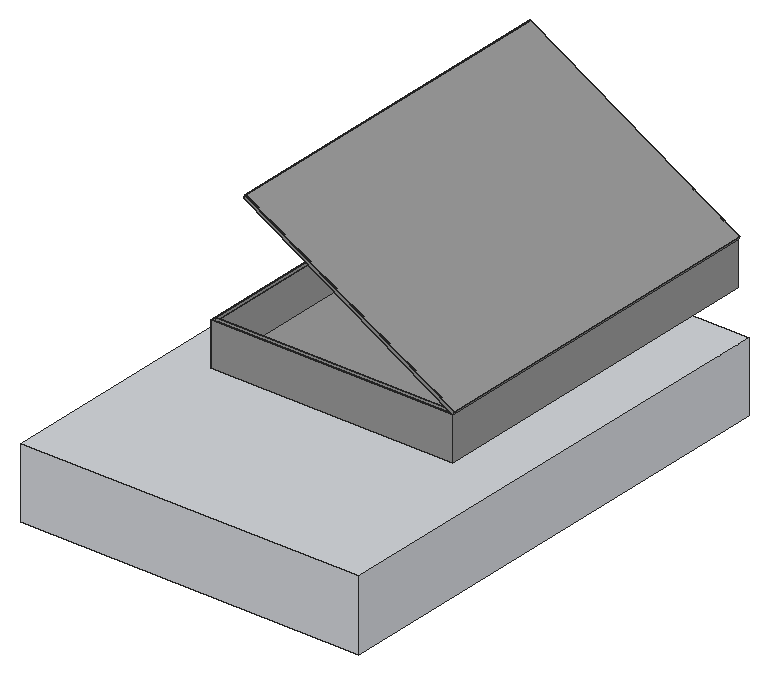
Revit family "Hager-Univers-IP54-D205-H550-Cl.I-Encl-CH-fr", category Equipement électrique, Revit 2020
Family settings
  Hôte = Face
  Configuration du panneau = Deux colonnes, circuits au sein
  Cote de connecteur circulaire = Utiliser le diamètre
  Type d'élément = Tableau de raccordement
  Couper avec des vides une fois chargée = Non
  Partagée = Non
  Point de calcul de pièce = Non
Parameters (values of type "saillie IP54 L1050 H1550 P205  - FP04TW2")
  Width Control [instance] = if([EF000008 - largeur] > Min Width, [EF000008 - largeur], Min Width)  # 1050 mm
  Commentaires du type = [HG000003 - Gamme]  # "Univers"
  Thickness Door [instance] = if([EF009171 - épaisseur de matériau de la porte/du couvercle] > 3 mm, 3 mm, [EF009171 - épaisseur de matériau de la porte/du couvercle])  # 1 mm
  Seal Frame Offset [instance] = 17 mm  # constant formula
  Plinth Visibility [instance] = [HG000027 - Hauteur du socle] > 0 mm  # no
  Model = ""
  Min Width [instance] = 100 mm  # constant formula
  Min Height [instance] = 100 mm  # constant formula
  Min Depth [instance] = (2 * [EF009170 - épaisseur de matériau du boîtier]) + 1 mm  # 3 mm
  Internal Frame Depth [instance] = (Door System Depth * 0.5)  # 9 mm
  Height Control [instance] = if([EF000040 - hauteur] > Min Height, [EF000040 - hauteur], Min Height)  # 1550 mm
  HG000027 - Hauteur du socle = 0 mm
  HG000026 - Installation au sol = no
  HG000024 - Hauteur de la section basse = 800 mm
  HG000023 - Armoire double section = no
  HG000016 - Visibilité de la porte 3D [instance] = yes
  HG000015 - Visibilité de l'emprise de la porte [instance] = no
  HG000014 - Porte à droite [instance] = yes
  HG000013 - Porte à gauche [instance] = not([HG000014 - Porte à droite])  # no
  HG000012 - Angle de pivotement de la porte [instance] = 30.00°
  HG000010 - Portes asymétriques = no
  HG000009 - Porte à double battant = no
  HG000006 - Encastré = no
  HG000004 - Référence fabricant = "FP04TW2"
  HG000003 - Gamme = "Univers"
  HG000002 - avec porte = yes
  Frame Offset Bottom [instance] = 10 mm  # constant formula
  Frame Offset [instance] = 15 mm  # constant formula
  EF015940 - couvercle avec décharge de pression = no
  EF011959 - degré de protection (NEMA) = ""
  EF009554 - nombre d'ouvertures pour plaques à bride = 8
  Fabricant = "Hager"  # constant formula
  EF009212 - finition du couvercle = "EV000116 - fermé"
  EF009171 - épaisseur de matériau de la porte/du couvercle = 1 mm
  EF009170 - épaisseur de matériau du boîtier = 1 mm
  EF008873 - courant nominal (In) = 400 A
  EF007800 - adapté à un parafoudre = no
  EF006306 - avec serrure = no
  EF006244 - couvercle/porte transparent(e) = no
  EF005474 - indice de protection (IP) = "EV006419 - IP54"
  EF004464 - type de porte = "EV003602 - double"
  EF004427 - nombre de modules = 480
  EF004293 - indice de protection contre les chocs (IK) = "EV006815 - IK09"
  EF003532 - convient pour utilisation à l’extérieur = no
  EF002950 - largeur en nombre de modules = 48
  EF001613 - maintien de fonction = "EV000494 - sans"
  EF001596 - matériau du boîtier/corps = "EV000179 - acier"
  EF001131 - profondeur intérieure = 205 mm
  EF001088 - possibilité de montage en saillie = yes
  EF000437 - nombre d'entrées de conduit = 8
  EF000339 - type de capot = "EV001012 - couvercle"
  EF000266 - nombre de rangées = 10
  EF000218 - profondeur d'encastrement = 205 mm
  EF000118 - avec cadre/support de montage = no
  EF000116 - numéro RAL = "9010"
  EF000049 - profondeur = 205 mm
  EF000040 - hauteur = 1550 mm
  EF000008 - largeur = 1050 mm
  EF000007 - couleur = "EV000202 - blanc"
  EF000003 - mode de pose = "EV000384 - saillie"
  Door System Leaf Tolerance [instance] = 1.5 mm  # constant formula
  Door System Depth [instance] = 18 mm  # constant formula
  Door Height [instance] = Height Control - [HG000027 - Hauteur du socle]  # 1550 mm
  Depth Control [instance] = if([EF000049 - profondeur] > Min Depth, [EF000049 - profondeur], Min Depth)  # 205 mm
  Default Elevation = 0 mm
  Connector Offset [instance] = Height Control / 2  # 775 mm
  Bottom Top Plate Trim [instance] = 1.5 mm  # constant formula
  Plinth height Ctrl [instance] = if([HG000027 - Hauteur du socle] > 0 mm, [HG000027 - Hauteur du socle], 12 mm)  # 12 mm
Reference planes
  plane 1 "Center (Front/Back)": y = 0
  plane 2: z = 0
  plane 3 "Center (Left/Right)": x = 0
  plane 4: z = 205
  plane 5: y = 1
  plane 6: y = 775
  plane 7: y = 0
  plane 8: y = 1550
  plane 9: z = 0
  plane 10: x = -510
  plane 11: x = 510
  plane 12: x = 509
  plane 13: x = -509
  plane 14: y = 1549
  plane 15: x = -508
  plane 16: x = -525
  plane 17: x = 508
  plane 18: x = 525
  plane 19: x = 524
  plane 20: x = -524
  plane 21: y = 11
  plane 22: y = 1550
  plane 23: y = 1534
  plane 24: z = 187
  plane 25: z = 1
  plane 26: z = 186
  plane 27: z = 204
Forms (mm)
  Extrusion 1, solid
    sketch origin (0, 0, 0) x (1, 0, 0) y (0, 1, 0)
      loop
        line (-702.964, 1305) -> (-702.964, -811.445) -> (766.763, -811.445) -> (766.763, 1305) -> (-702.964, 1305)
    from 0 to -304.8
  Extrusion 2, solid, material "Hager_Steel_RAL7035_Light_Grey", visible <- "Plinth Visibility", detail levels medium+fine
    sketch origin (0, 0, 0) x (1, 0, 0) y (0, 1, 0)
      loop
        line (-525, 0) -> (525, 0) -> (525, 12) -> (-525, 12) -> (-525, 0)
    from 0 to 187
  Extrusion 3, solid, material "Hager_Steel_RAL7035_Light_Grey", detail levels medium+fine
    sketch origin (0, 0, 0) x (1, 0, 0) y (0, 1, 0)
      loop
        line (-525, 0) -> (525, 0) -> (525, 1550) -> (-525, 1550) -> (-525, 0)
    from 0 to 187
  Extrusion 4, void
    sketch origin (0, 0, 0) x (1, 0, 0) y (0, 1, 0)
      loop
        line (-524, 1) -> (524, 1) -> (524, 1549) -> (-524, 1549) -> (-524, 1)
    from 1 to 186
  Extrusion 5, void
    sketch origin (-381.607, -4572, 187) x (0, -1, 0) y (-1, 0, 0)
      loop
        line (-4583, 127.393) -> (-6106, 127.393) -> (-6106, -890.607) -> (-4583, -890.607) -> (-4583, 127.393)
    from 0 to 1 <- "EF009170 - épaisseur de matériau du boîtier"
  Extrusion 6, solid, material "Hager_Steel_RAL7035_Light_Grey", detail levels fine
    sketch origin (0, 0, 187) x (1, 0, 0) y (0, 1, 0)
      loop
        line (-509, 1534) -> (-509, 11) -> (509, 11) -> (509, 1534) -> (-509, 1534)
      loop
        line (-510, 10) -> (510, 10) -> (510, 1535) -> (-510, 1535) -> (-510, 10)
    from 0 to 9 <- "Internal Frame Depth"
  Extrusion 7, solid, material "Hager_Steel_RAL7035_Light_Grey", detail levels coarse
    sketch origin (0, 0, 0) x (1, 0, 0) y (0, 1, 0)
      loop
        line (-525, 0) -> (525, 0) -> (525, 1550) -> (-525, 1550) -> (-525, 0)
    from 0 to 205
  Sweep 8, void
    path in 3D
      loop
        line (-525, 12, 0) -> (525, 12, 0) -> (525, 12, 187) -> (-525, 12, 187) -> (-525, 12, 0)
    profile origin (-525, 12, 93.5) x (-1, 0, 0) y (0, -1, 0)
      loop
        line (0, 0) -> (0, 1.5) -> (-1.5, 1.5)
        arc (-1.5, 1.5) -> (-1.061, 0.439) -> (0, 0) r 1.5
Cuts and joins
  Extrusion 4, Extrusion 5 cuts Extrusion 3
  Sweep 8 cuts Extrusion 2
Lines and regions (mm)
  Masking region 1
    outline origin (0, 0, 0) x (1, 0, 0) y (0, 0, 1)
      loop
        line (-525, 205) -> (-525, 0) -> (525, 0) -> (525, 205) -> (-525, 205)
  Masking region 2, detail levels medium+fine
    outline origin (0, 140, 0) x (0, 1, 0) y (0, 0, 1)
      loop
        line (-140, 0) -> (1410, 0) -> (1410, 187) -> (-140, 187) -> (-140, 0)
  Masking region 3, not visible, detail levels medium+fine
    outline origin (0, 297.922, 0) x (0, 1, 0) y (0, 0, 1)
      loop
        line (488.578, 0) -> (528.578, 0) -> (528.578, 194)
        arc (528.578, 194) -> (525.649, 201.071) -> (518.578, 204) r 10
        line (518.578, 204) -> (488.578, 204) -> (488.578, 0)
  Masking region 4, detail levels coarse
    outline origin (0, 0, 180) x (0, 1, 0) y (0, 0, 1)
      loop
        line (0, -180) -> (1550, -180) -> (1550, 25) -> (0, 25) -> (0, -180)
  Masking region 5, visible <- "Plinth Visibility", detail levels medium+fine
    outline origin (0, 52.24, 12.345) x (0, 0, -1) y (0, 1, 0)
      loop
        line (10.845, -40.24) -> (-173.155, -40.24)
        arc (-173.155, -40.24) -> (-173.594, -41.301) -> (-174.655, -41.74) r 1.5
        line (-174.655, -41.74) -> (-174.655, -52.24) -> (12.345, -52.24) -> (12.345, -41.74)
        arc (12.345, -41.74) -> (11.285, -41.301) -> (10.845, -40.24) r 1.5
  Masking region 6, detail levels medium+fine
    outline origin (-381.607, -4572, 187) x (-1, 0, 0) y (0, -1, 0)
      loop
        line (143.393, -6122) -> (143.393, -4572) -> (-906.607, -4572) -> (-906.607, -6122) -> (143.393, -6122)
  Masking region 7, visible <- "Plinth Visibility", detail levels medium+fine
    outline origin (-381.607, -4727, 187) x (-1, 0, 0) y (0, -1, 0)
      loop
        arc (141.893, -4739) -> (142.332, -4737.939) -> (143.393, -4737.5) r 1.5
        line (143.393, -4737.5) -> (143.393, -4727) -> (-906.607, -4727) -> (-906.607, -4737.5)
        arc (-906.607, -4737.5) -> (-905.546, -4737.939) -> (-905.107, -4739) r 1.5
        line (-905.107, -4739) -> (141.893, -4739)
  Masking region 8, detail levels coarse
    outline origin (-442.548, -4669.526, 187) x (-1, 0, 0) y (0, -1, 0)
      loop
        line (82.452, -6219.526) -> (82.452, -4669.526) -> (-967.548, -4669.526) -> (-967.548, -6219.526) -> (82.452, -6219.526)
  sketch lines
    curve 1: line (-525, 12, 187) -> (-525, 12, 0)
    curve 2: line (525, 12, 187) -> (-525, 12, 187)
    curve 3: line (525, 12, 187) -> (525, 12, 0)
    curve 4: line (-525, 12, 0) -> (525, 12, 0)
Dimensions and locks
  "Depth Control": plane 4 to Extrusion 1
  "HG000027 - Hauteur du socle": plane 1 "Center (Front/Back)" to plane 7
  "EF009170 - épaisseur de matériau du boîtier": plane 5 to plane 7
  locked: connector elem to plane 3 "Center (Left/Right)"
  equal spacing: plane 8, plane 6, plane 7
  locked: connector elem to plane 6
  "EF009170 - épaisseur de matériau du boîtier": plane 8 to plane 14
  "EF009170 - épaisseur de matériau du boîtier": plane 10 to plane 13
  "EF009170 - épaisseur de matériau du boîtier": plane 12 to plane 11
  "Frame Offset": plane 20 to plane 13
  "Frame Offset": plane 12 to plane 19
  "EF009170 - épaisseur de matériau du boîtier": plane 16 to plane 20
  "EF009170 - épaisseur de matériau du boîtier": plane 19 to plane 18
  "Seal Frame Offset": plane 16 to plane 15
  "Seal Frame Offset": plane 17 to plane 18
  "Frame Offset Bottom": plane 21 to plane 5
  "Frame Offset": plane 14 to plane 23
  equal spacing: plane 16, plane 3 "Center (Left/Right)", plane 18
  "Width Control": plane 16 to plane 18
  "EF009170 - épaisseur de matériau du boîtier": plane 4 to plane 27
  "EF009170 - épaisseur de matériau du boîtier": plane 24 to plane 26
  "EF009170 - épaisseur de matériau du boîtier": plane 25 to level
  "Door System Depth": plane 4 to plane 24
  "Height Control": plane 1 "Center (Front/Back)" to Extrusion 7 sketch curve
  "Height Control": Masking region 4 sketch curve to plane 1 "Center (Front/Back)"
  "Height Control": plane 1 "Center (Front/Back)" to plane 22
  "Bottom Top Plate Trim": profile plane to Sweep 8 sketch curve
  "Bottom Top Plate Trim": Sweep 8 sketch curve to profile plane
  "Plinth height Ctrl": plane 1 "Center (Front/Back)" to Extrusion 2 sketch curve
  "Plinth height Ctrl": Masking region 5 sketch curve to plane 1 "Center (Front/Back)"
  "Plinth height Ctrl": plane 1 "Center (Front/Back)" to Masking region 7 sketch curve
  "Thickness Door": Extrusion 6 sketch curve to Extrusion 6 sketch curve  (x3)
  "Thickness Door": cut or joined group of Extrusion 3, Extrusion 4, Extrusion 5 to Extrusion 6 sketch curve
  radius of Masking region 3 sketch curve = 10 mm
  "Bottom Top Plate Trim": radius of Masking region 5 sketch curve  (x2)
  "Bottom Top Plate Trim": radius of Sweep 8 sketch curve
  "Bottom Top Plate Trim": radius of Masking region 7 sketch curve  (x2)
  aligned and locked: plane 2 to Extrusion 1
  aligned and locked: level to Extrusion 1
  aligned and locked: level to Masking region 1 sketch curve
  aligned and locked: Masking region 1 sketch curve to plane 18
  aligned and locked: Masking region 1 sketch curve to plane 16
  aligned and locked: plane 7 to Masking region 2 sketch curve
  aligned and locked: level to Masking region 3 sketch curve
  aligned and locked: Masking region 3 sketch curve to plane 27
  aligned and locked: level to Masking region 2 sketch curve
  aligned and locked: plane 1 "Center (Front/Back)" to Extrusion 2 sketch curve
  aligned and locked: Extrusion 3 sketch curve to plane 7
  aligned and locked: plane 16 to Extrusion 3 sketch curve
  aligned and locked: plane 18 to Extrusion 3 sketch curve
  aligned and locked: plane 20 to Extrusion 4 sketch curve
  aligned and locked: plane 19 to Extrusion 4 sketch curve
  aligned and locked: Extrusion 4 sketch curve to plane 5
  aligned and locked: Extrusion 4 to plane 25
  aligned and locked: plane 26 to Extrusion 4
  aligned and locked: plane 24 to Extrusion 3
  aligned and locked: Extrusion 5 sketch curve to plane 21
  aligned and locked: Extrusion 5 sketch curve to plane 13
  aligned and locked: Extrusion 5 sketch curve to plane 12
  aligned and locked: plane 18 to Extrusion 7 sketch curve
  aligned and locked: plane 1 "Center (Front/Back)" to Extrusion 7 sketch curve
  aligned and locked: plane 16 to Extrusion 7 sketch curve
  aligned and locked: plane 4 to Extrusion 7
  aligned and locked: Extrusion 7 to level
  aligned and locked: level to Masking region 4 sketch curve
  aligned and locked: Masking region 4 sketch curve to plane 1 "Center (Front/Back)"
  aligned and locked: Masking region 4 sketch curve to plane 4
  aligned and locked: nested 1 to level
  aligned and locked: nested 1 to plane 16
  aligned and locked: Extrusion 3 sketch curve to plane 8
  aligned and locked: Extrusion 5 sketch curve to plane 23
  aligned and locked: Extrusion 4 sketch curve to plane 14
  aligned and locked: Masking region 2 sketch curve to plane 8
  aligned and locked: level to Masking region 5 sketch curve
  aligned and locked: plane 16 to Extrusion 2 sketch curve
  aligned and locked: plane 18 to Extrusion 2 sketch curve
  aligned and locked: Masking region 5 sketch curve to plane 24
  aligned and locked: Masking region 2 sketch curve to plane 24
  aligned and locked: plane 24 to Extrusion 2
  aligned and locked: profile plane to Sweep 8 sketch curve  (x2)
  aligned and locked: Masking region 6 sketch curve to plane 18
  aligned and locked: Masking region 6 sketch curve to plane 22
  aligned and locked: Masking region 6 sketch curve to plane 16
  aligned and locked: plane 8 to plane 22
  aligned and locked: Masking region 6 sketch curve to plane 7
  aligned and locked: Masking region 7 sketch curve to plane 16
  aligned and locked: Masking region 7 sketch curve to plane 1 "Center (Front/Back)"
  aligned and locked: Masking region 7 sketch curve to plane 18
  aligned and locked: Masking region 8 sketch curve to plane 1 "Center (Front/Back)"
  aligned and locked: Masking region 8 sketch curve to plane 18
  aligned and locked: Masking region 8 sketch curve to plane 22
  aligned and locked: Masking region 8 sketch curve to plane 16
  aligned and locked: nested 2 to plane 7
  aligned and locked: plane 3 "Center (Left/Right)" to nested 2
  aligned and locked: nested 2 to plane 24
  aligned and locked: Extrusion 6 sketch curve to cut or joined group of Extrusion 3, Extrusion 4, Extrusion 5  (x4)
Automatic sketch dimensions
  Extrusion 1 sketch curve to Extrusion 1 sketch curve = 1469.727 mm
  Extrusion 1 sketch curve to Extrusion 1 sketch curve = 2116.445 mm
  Masking region 1 sketch curve to plane 4 = 0 mm
  plane 6 to Masking region 3 sketch curve = 11.5 mm
  Masking region 3 sketch curve to Masking region 3 sketch curve = 30 mm
  Masking region 5 sketch curve to plane 1 "Center (Front/Back)" = 0 mm
Nested families
  nested 1: "Hager_Enclosure_Symbol" at (-525, 0, 0) x (1, 0, 0) z (0, -1, 0), Height <- "Depth Control", Width <- "Width Control", type "Hager_Enclosure_Symbol"
    with Width_Ctrl 1050 mm, Width 1050 mm, Height_Ctrl 205 mm, Height 205 mm, A_Width_Int 13.453 mm, A_Width 161.438 mm, A_Height_Ctrl 179.375 mm, A_Height 179.375 mm
  nested 2: "EC000058_Univers_Door" at (0, 0, 187) x (1, 0, 0) z (0, 1, 0), Leaf_Tolerance <- "Door System Leaf Tolerance", Angle <- "HG000012 - Angle de pivotement de la porte", Door_Depth <- "Door System Depth", Door_Left <- "HG000013 - Porte à gauche", Transparent <- "EF006244 - couvercle/porte transparent(e)", Assymetrical <- "HG000010 - Portes asymétriques", Width <- "Width Control", Clearance <- "HG000015 - Visibilité de l'emprise de la porte", Double <- "HG000009 - Porte à double battant", 3d_Door <- "HG000016 - Visibilité de la porte 3D", Lock_Visibility <- "EF006306 - avec serrure", Width_Ctrl <- "Width Control", Door_Right <- "HG000014 - Porte à droite", Door <- "HG000002 - avec porte", Height <- "Door Height", Thickness <- "Thickness Door", type "EC000058_Univers_Door", detail levels medium+fine
    with min_wh 3 mm, Width_Ctrl 1050 mm, Width 1050 mm, Transparent no, Thickness 1 mm, Seal_Material Hager_Rubber, Lock_Visibility no, Lock_Material Hager_Plastic_RAL9005_Jet_Black, Leaf_Width 1050 mm, Leaf_Tolerance_External_Sides 0 mm, Leaf_Tolerance 1.5 mm, Leaf_Offset 0 mm, Leaf_Height 1547 mm, Leaf_2_Width 1050 mm, Leaf_2_Offset 525 mm, Leaf_1_Width 1050 mm, Leaf_1_Offset 525 mm, Height_Ctrl 1550 mm, Height 1550 mm, Glass_Material Hager_Glass, Double_Clearance_Ctrl no, Double no, Door_Right_Ctrl yes, Door_Right yes, Door_Material Hager_Steel_RAL7035_Light_Grey, Door_Left_Ctrl no, Door_Left no, Door_Depth 18 mm, Door yes, Clearance_Material Hager_Clearance, Clearance_Depth 1050 mm, Clearance_Ctrl no, Clearance no, Assymetrical no, Angle 30.00°, 3d_Door yes
Connectors
  electrical at (0, 775, 0)
    settings: on plane 9, index 1, voltage 0 V, apparent load 0 VA, apparent load phase1 0 VA, apparent load phase2 0 VA, apparent load phase3 0 VA, power factor 1, load classification "Other", number of poles 1, system type 30, power factor state 1, is connector primary yes, connector utility no, sub classification motor no, connector description ""
Definition of nested family "EC000058_Univers_Door"
  Parameters (values of type "EC000058_Univers_Door")
    min_wh [instance] = (2 * Thickness) + 1 mm  # 11 mm
    Width_Ctrl [instance] = 400 mm
    Width [instance] = 500 mm
    Transparent [instance] = yes
    Thickness [instance] = 5 mm
    Seal_Material [instance] = none
    Lock_Visibility [instance] = yes
    Lock_Material [instance] = none
    Leaf_Width [instance] = if((Width_Ctrl - 2 * Leaf_Tolerance_External_Sides) > 0 mm, (Width_Ctrl - 2 * Leaf_Tolerance_External_Sides), min_wh)  # 400 mm
    Leaf_Tolerance_External_Sides [instance] = 0 mm  # constant formula
    Leaf_Tolerance [instance] = 1.5 mm
    Leaf_Offset [instance] = 0 mm  # constant formula
    Leaf_Height [instance] = if((Height_Ctrl - 2 * Leaf_Tolerance) > 0 mm, (Height_Ctrl - 2 * Leaf_Tolerance), min_wh)  # 497 mm
    Leaf_2_Width [instance] = if(and(and(Double, Assymetrical), Door_Left), (Leaf_Width / 3) - (Leaf_Tolerance / 2), if(and(and(Double, Assymetrical), Door_Right), (Leaf_Width / 3) * 2 - (Leaf_Tolerance / 2), if(and(Double, not(Assymetrical)), (Leaf_Width / 2) - Leaf_Tolerance, Leaf_Width)))  # 400 mm
    Leaf_2_Offset [instance] = if(and(Double, Assymetrical), Leaf_2_Width / 2, if(and(Double, not(Assymetrical)), Leaf_Width / 4, Leaf_Width / 2))  # 200 mm
    Leaf_1_Width [instance] = if(and(and(Double, Assymetrical), Door_Right), (Leaf_Width / 3) - (Leaf_Tolerance / 2), if(and(and(Double, Assymetrical), Door_Left), (Width / 3) * 2 - (Leaf_Tolerance / 2), if(and(Double, not(Assymetrical)), (Leaf_Width / 2) - Leaf_Tolerance, Leaf_Width)))  # 400 mm
    Leaf_1_Offset [instance] = if(and(Double, Assymetrical), Leaf_1_Width / 2, if(and(Double, not(Assymetrical)), Leaf_Width / 4, Leaf_Width / 2))  # 200 mm
    Height_Ctrl [instance] = if(Height > min_wh, Height, min_wh)  # 500 mm
    Height [instance] = 500 mm
    Glass_Material [instance] = none
    Double_Clearance_Ctrl [instance] = and(Double, Clearance)  # no
    Double [instance] = no
    Door_Right_Ctrl [instance] = and(or(Door_Right, Double), Door)  # yes
    Door_Right [instance] = yes
    Door_Material [instance] = none
    Door_Left_Ctrl [instance] = and(or(Door_Left, Double), Door)  # no
    Door_Left [instance] = no
    Door_Depth [instance] = 30 mm
    Door [instance] = yes
    Default Elevation = 1219.2 mm
    Clearance_Material [instance] = none
    Clearance_Depth [instance] = if(Leaf_1_Width > Leaf_2_Width, Leaf_1_Width, Leaf_2_Width)  # 400 mm
    Clearance_Ctrl [instance] = and(not(Double), Clearance)  # yes
    Clearance [instance] = yes
    Assymetrical [instance] = yes
    Angle [instance] = 30.00°
    3d_Door [instance] = yes
  Reference planes
    plane 1 "Center (Front/Back)": y = 0
    plane 2 "Bottom": z = 0
    plane 3 "Center (Left/Right)": x = 0
    plane 4: z = 500
    plane 5: x = -200
    plane 6: x = 200
    plane 7: z = 500
    plane 8: x = -200
    plane 9: z = 0
    plane 10: x = 200
    plane 11: y = 0
    plane 12: z = 1.5
    plane 13: x = -600
    plane 14: y = -400
    plane 15: x = 600
    plane 16: x = 0
    plane 17: x = 0
    plane 18: x = -200
    plane 19: x = 200
    plane 20: z = 498.5
  Forms (mm)
    Extrusion 1, solid, material <- "Clearance_Material", visible <- "Double_Clearance_Ctrl"
      sketch origin (1200, 0, 0) x (1, 0, 0) y (0, 0, -1)
        loop
          line (-1800, -498.5) -> (-600, -498.5) -> (-600, 0) -> (-1800, 0) -> (-1800, -498.5)
      from 0 to -400
  Dimensions and locks
    equal spacing: plane 5, plane 3 "Center (Left/Right)", plane 6
    "Width_Ctrl": plane 5 to plane 6
    "Leaf_Offset": plane 5 to plane 8
    "Leaf_Offset": plane 6 to plane 10
    "Leaf_Offset": plane 9 to level
    "Leaf_Offset": plane 4 to plane 7
    "Height_Ctrl": plane 4 to level
    "Leaf_Tolerance": plane 12 to plane 9
    locked: plane 11 to plane 1 "Center (Front/Back)"
    "Leaf_1_Offset": plane 18 to plane 16
    "Leaf_2_Offset": plane 17 to plane 19
    "Leaf_1_Width": plane 13 to plane 8
    "Leaf_2_Width": plane 10 to plane 15
    "Clearance_Depth": plane 14 to plane 1 "Center (Front/Back)"
    "Leaf_Tolerance_External_Sides": plane 8 to plane 18
    "Leaf_Tolerance_External_Sides": plane 19 to plane 10
    "Leaf_Tolerance": plane 7 to plane 20
    aligned and locked: level to plane 2 "Bottom"
    aligned and locked: nested 1 to plane 16
    aligned and locked: nested 2 to plane 17
    aligned and locked: Extrusion 1 to plane 13
    aligned and locked: plane 15 to Extrusion 1
    aligned and locked: Extrusion 1 to plane 14
    aligned and locked: plane 12 to nested 1
    aligned and locked: nested 2 to plane 12
    aligned and locked: Extrusion 1 to plane 11
    aligned and locked: plane 20 to Extrusion 1
    aligned and locked: nested 2 to plane 11
    aligned and locked: nested 1 to plane 11
  Automatic sketch dimensions
    Extrusion 1 sketch curve to level = 0 mm
    plane 5 to Extrusion 1 sketch curve = 400 mm
    plane 6 to Extrusion 1 sketch curve = 400 mm
    Extrusion 1 sketch curve to plane 4 = 1.5 mm
  Nested families
    nested 1: "EC000058_Univers_Door_Leaf" at (0, 0, 1.5), Width <- "Leaf_1_Width", visible <- "Door_Left_Ctrl", Leaf_Height <- "Leaf_Height", Angle <- "Angle", 3d_Door <- "3d_Door", Transparent <- "Transparent", Clearance Material <- "Clearance_Material", Clearance <- "Clearance_Ctrl", Door_Material <- "Door_Material", Glass_Material <- "Glass_Material", Door_Depth <- "Door_Depth", Lock_Material <- "Lock_Material", Seal_Material <- "Seal_Material", Lock_Visibility <- "Lock_Visibility", Thickness <- "Thickness", type "EC000058_Univers_Door_Leaf"
      with Width 400 mm, Transparent_Glass_Offset 30 mm, Transparent_Ctrl yes, Transparent yes, Thickness 5 mm, Standard no, Seal_Material none, Seal_D2 8 mm, Seal_D1 1 mm, Offset_Internal_Frame 10 mm, Lock_Width 20 mm, Lock_Visibility_3d yes, Lock_Visibility yes, Lock_Thickness_3 3 mm, Lock_Thickness_2 1 mm, Lock_Thickness_1 3 mm, Lock_Radius_Offset_2 16 mm, Lock_Radius_Offset_1 15 mm, Lock_Radius_2 5 mm, Lock_Radius 6 mm, Lock_Offset 5 mm, Lock_Material none, Lock_Height 80 mm, Lock_Cover_Top_Offset_2d 17 mm, Lock_Cover_Height -65 mm, Leaf_Height 497 mm, Internal_Seal_Thickness 8 mm, Internal_Seal_Depth_2 4.5 mm, Internal_Frame_Depth 25 mm, Glass_Thickness -1 mm, Glass_Offset -2 mm, Glass_Material none, Door_Material none, Door_Depth 30 mm, Clearance Material none, Clearance yes, Angle_Ctrl 30.00°, Angle 30.00°, 3d_Door yes
    nested 2: "EC000058_Univers_Door_Leaf" at (0, 0, 1.5) x (-1, 0, 0) z (0, 0, 1), Width <- "Leaf_2_Width", visible <- "Door_Right_Ctrl", Leaf_Height <- "Leaf_Height", Angle <- "Angle", 3d_Door <- "3d_Door", Transparent <- "Transparent", Clearance Material <- "Clearance_Material", Clearance <- "Clearance_Ctrl", Door_Material <- "Door_Material", Glass_Material <- "Glass_Material", Door_Depth <- "Door_Depth", Lock_Material <- "Lock_Material", Seal_Material <- "Seal_Material", Lock_Visibility <- "Lock_Visibility", Thickness <- "Thickness", type "EC000058_Univers_Door_Leaf"
      with Width 400 mm, Transparent_Glass_Offset 30 mm, Transparent_Ctrl yes, Transparent yes, Thickness 5 mm, Standard no, Seal_Material none, Seal_D2 8 mm, Seal_D1 1 mm, Offset_Internal_Frame 10 mm, Lock_Width 20 mm, Lock_Visibility_3d yes, Lock_Visibility yes, Lock_Thickness_3 3 mm, Lock_Thickness_2 1 mm, Lock_Thickness_1 3 mm, Lock_Radius_Offset_2 16 mm, Lock_Radius_Offset_1 15 mm, Lock_Radius_2 5 mm, Lock_Radius 6 mm, Lock_Offset 5 mm, Lock_Material none, Lock_Height 80 mm, Lock_Cover_Top_Offset_2d 17 mm, Lock_Cover_Height -65 mm, Leaf_Height 497 mm, Internal_Seal_Thickness 8 mm, Internal_Seal_Depth_2 4.5 mm, Internal_Frame_Depth 25 mm, Glass_Thickness -1 mm, Glass_Offset -2 mm, Glass_Material none, Door_Material none, Door_Depth 30 mm, Clearance Material none, Clearance yes, Angle_Ctrl 30.00°, Angle 30.00°, 3d_Door yes
  Definition of nested family "EC000058_Univers_Door_Leaf"
    Parameters (values of type "EC000058_Univers_Door_Leaf")
      Width [instance] = 2000 mm
      Transparent_Glass_Offset [instance] = 30 mm
      Transparent_Ctrl [instance] = and(Transparent, [3d_Door])  # yes
      Transparent [instance] = yes
      Thickness [instance] = 5 mm
      Standard [instance] = and(not(Transparent), [3d_Door])  # no
      Seal_Material [instance] = none
      Seal_D2 [instance] = 8 mm  # constant formula
      Seal_D1 [instance] = 1 mm  # constant formula
      Offset_Internal_Frame [instance] = 10 mm  # constant formula
      Lock_Width [instance] = 20 mm  # constant formula
      Lock_Visibility_3d [instance] = and(Lock_Visibility, [3d_Door])  # yes
      Lock_Visibility [instance] = yes
      Lock_Thickness_3 [instance] = 3 mm  # constant formula
      Lock_Thickness_2 [instance] = 1 mm  # constant formula
      Lock_Thickness_1 [instance] = 3 mm  # constant formula
      Lock_Radius_Offset_2 [instance] = Lock_Radius_Offset_1 + 1 mm  # 16 mm
      Lock_Radius_Offset_1 [instance] = 15 mm  # constant formula
      Lock_Radius_2 [instance] = Lock_Radius - 1 mm  # 5 mm
      Lock_Radius [instance] = 6 mm  # constant formula
      Lock_Offset [instance] = 5 mm  # constant formula
      Lock_Material [instance] = none
      Lock_Height [instance] = 80 mm  # constant formula
      Lock_Cover_Top_Offset_2d [instance] = Lock_Radius_Offset_2 + 1 mm  # 17 mm
      Lock_Cover_Height [instance] = -(Lock_Height - Lock_Radius_Offset_1)  # -65 mm
      Leaf_Height [instance] = 2720.336 mm
      Internal_Seal_Thickness [instance] = 8 mm  # constant formula
      Internal_Seal_Depth_2 [instance] = 4.5 mm  # constant formula
      Internal_Frame_Depth [instance] = if(Door_Depth - Thickness > 5 mm, Door_Depth - Thickness, 5 mm)  # 25 mm
      Glass_Thickness [instance] = if(Thickness > 15 mm, Glass_Offset + 10 mm, -1 mm)  # -1 mm
      Glass_Offset [instance] = if(Thickness > 15 mm, -(Thickness + 10 mm) / 2, -2 mm)  # -2 mm
      Glass_Material [instance] = none
      Door_Material [instance] = none
      Door_Depth [instance] = 30 mm
      Default Elevation = 0 mm
      Clearance Material [instance] = none
      Clearance [instance] = yes
      Angle_Ctrl [instance] = if(Angle > 180.00°, 180.00°, Angle)  # 90.00°
      Angle [instance] = 90.00°
      3d_Door [instance] = yes
    Reference planes
      plane 1 "Center (Front/Back)": y = 0
      plane 2: z = 0
      plane 3 "Center (Left/Right)": x = 0
      plane 4: y = 2000
      plane 5: x = -1000
      plane 6: x = 1000
      plane 7: x = -3000
      plane 8: z = 2720.336
      plane 9: z = 30
      plane 10: z = 2690.336
      plane 11: x = 970
      plane 12: x = -970
      plane 13: y = -3
      plane 14: z = 107.833
      plane 15: y = -5
      plane 16: y = -223.314
      plane 17: x = -1000
      plane 18: z = 1360.168
      plane 19: y = 30
    Forms (mm)
      Extrusion 1, solid, material <- "Clearance Material", visible <- "Clearance"
        sketch origin (0, 0, 0) x (1, 0, 0) y (0, 0, 1)
          loop
            line (-3000, 2720.336) -> (-3000, 0) -> (1000, 0) -> (1000, 2720.336) -> (-3000, 2720.336)
        from 0 to -2000
      Extrusion 2, solid, material <- "Door_Material", visible <- "Standard", detail levels medium+fine
        sketch origin (-1000, 0, 0) x (0, 1, 0) y (-1, 0, 0)
          loop
            line (0, 30) -> (0, 25) -> (2000, 25) -> (2000, 30) -> (0, 30)
        from 0 to 2720.336 <- "Leaf_Height"
      Extrusion 3, solid, material <- "Door_Material", visible <- "Transparent_Ctrl", detail levels medium+fine
        sketch origin (-1000, 0, 0) x (0, 1, 0) y (-1, 0, 0)
          loop
            line (0, 25) -> (2000, 25) -> (2000, 30) -> (0, 30) -> (0, 25)
        from 0 to 2720.336 <- "Leaf_Height"
      Extrusion 4, void
        sketch origin (-1025, 2000, 0) x (0, 1, 0) y (0, 0, -1)
          loop
            line (-30, -2690.336) -> (-30, -30) -> (-1970, -30) -> (-1970, -2690.336) -> (-30, -2690.336)
        from 0 to 5 <- "Thickness"
      Sweep 5, solid, material <- "Seal_Material", visible <- "Transparent_Ctrl", detail levels fine
        path in 3D
          loop
            line (-1025, 30, 30) -> (-1025, 30, 2690.336) -> (-1025, 1970, 2690.336) -> (-1025, 1970, 30) -> (-1025, 30, 30)
        profile origin (-1025, 1000, 30) x (1, 0, 0) y (0, 0, 1)
          loop
            line (0, 0) -> (0, -8) -> (1, -8) -> (1, 0) -> (0, 0)
      Extrusion 6, solid, material <- "Glass_Material", visible <- "Transparent_Ctrl", detail levels medium+fine
        sketch origin (-1030, 0, 0) x (0, 1, 0) y (0, 0, -1)
          loop
            line (1970, -2690.336) -> (1970, -30) -> (30, -30) -> (30, -2690.336) -> (1970, -2690.336)
        from -2 <- "Glass_Offset" to -1 <- "Glass_Thickness"
      Extrusion 7, solid, material <- "Door_Material", visible <- "3d_Door", detail levels medium+fine
        sketch origin (-1025, 2000, 0) x (0, -1, 0) y (0, 0, -1)
          loop
            line (0, -2720.336) -> (2000, -2720.336) -> (2000, 0) -> (0, 0) -> (0, -2720.336)
          loop
            line (1995, -5) -> (5, -5) -> (5, -2715.336) -> (1995, -2715.336) -> (1995, -5)
        from 0 to 25 <- "Internal_Frame_Depth"
      Sweep 8, solid, material <- "Seal_Material", visible <- "Transparent_Ctrl", detail levels fine
        path in 3D
          loop
            line (-1025, 0, 0) -> (-1025, 2000, 0) -> (-1025, 2000, 2720.336) -> (-1025, 0, 2720.336) -> (-1025, 0, 0)
        profile origin (-1025, 0, 1360.168) x (1, 0, 0) y (0, 1, 0)
          loop
            line (0, 10) -> (2.975, 10)
            arc (2.975, 10) -> (4.053, 10.447) -> (4.5, 11.525) r 1.525
            line (4.5, 11.525) -> (4.5, 16.527)
            arc (4.5, 16.527) -> (4.069, 17.569) -> (3.027, 18) r 1.473
            line (3.027, 18) -> (0, 18) -> (0, 10)
      Extrusion 9, solid, material <- "Lock_Material", visible <- "Lock_Visibility_3d", detail levels fine
        sketch origin (-1030, 0, 0) x (0, 1, 0) y (0, 0, -1)
          loop
            arc (1993.5, -1400.168) -> (1994.561, -1399.729) -> (1995, -1398.668) r 1.5
            line (1995, -1398.668) -> (1995, -1320.168) -> (1975, -1320.168) -> (1975, -1398.668)
            arc (1975, -1398.668) -> (1975.439, -1399.729) -> (1976.5, -1400.168) r 1.5
            line (1976.5, -1400.168) -> (1993.5, -1400.168)
        from 3 <- "Lock_Thickness_1" to 0
      Blend 10, solid, material <- "Lock_Material", visible <- "Lock_Visibility_3d", detail levels fine
        base sketch origin (-1033, 0, 0) x (0, 1, 0) y (0, 0, -1)
          loop
            line (1975, -1320.168) -> (1975, -1398.668)
            arc (1975, -1398.668) -> (1975.439, -1399.729) -> (1976.5, -1400.168) r 1.5
            line (1976.5, -1400.168) -> (1993.5, -1400.168)
            arc (1993.5, -1400.168) -> (1994.561, -1399.729) -> (1995, -1398.668) r 1.5
            line (1995, -1398.668) -> (1995, -1320.168) -> (1975, -1320.168)
        top sketch origin (-1033, 0, 0) x (0, 1, 0) y (0, 0, -1)
          loop
            line (1976, -1320.168) -> (1976, -1398.668)
            arc (1976, -1398.668) -> (1976.146, -1399.022) -> (1976.5, -1399.168) r 0.5
            line (1976.5, -1399.168) -> (1993.5, -1399.168)
            arc (1993.5, -1399.168) -> (1993.854, -1399.022) -> (1994, -1398.668) r 0.5
            line (1994, -1398.668) -> (1994, -1320.168) -> (1976, -1320.168)
        from 0 to 1 <- "Lock_Thickness_2"
      Blend 11, solid, material <- "Lock_Material", visible <- "Lock_Visibility_3d", detail levels fine
        base sketch origin (-1034, 0, 0) x (0, 1, 0) y (0, 0, -1)
          loop
            line (1978, -1320.168) -> (1978, -1384.168)
            arc (1978, -1384.168) -> (1985, -1391.168) -> (1992, -1384.168) r 7
            line (1992, -1384.168) -> (1992, -1320.168) -> (1978, -1320.168)
        top sketch origin (-1034, 0, 0) x (0, 1, 0) y (0, 0, -1)
          loop
            line (1991, -1320.168) -> (1979, -1320.168) -> (1979, -1383.168)
            arc (1979, -1383.168) -> (1985, -1389.168) -> (1991, -1383.168) r 6
            line (1991, -1383.168) -> (1991, -1320.168)
        from 0 to 3 <- "Lock_Thickness_3"
      Extrusion 12, solid, material <- "Lock_Material", visible <- "Lock_Visibility_3d", detail levels fine
        sketch origin (-1030, 1975, 1320.168) x (1, 0, 0) y (0, -1, 0)
          loop
            line (-7, -19) -> (-7, -1) -> (0, -1) -> (0, 0) -> (-8, 0) -> (-8, -20) -> (0, -20) -> (0, -19) -> (-7, -19)
        from 0 to -65 <- "Lock_Cover_Height"
      Extrusion 13, void
        sketch origin (-1038, 1995, 1320.168) x (-1, 0, 0) y (0, 0, -1)
          loop
            line (-5, -65) -> (0, -65) -> (-5, -60) -> (-5, -65)
        from 0 to 20 <- "Lock_Width"
      Extrusion 14, void
        sketch origin (-1038, 1975, 1320.168) x (0, -1, 0) y (0, 0, -1)
          loop
            circle (-10, -15.995) r 6
          loop
            circle (-10, -15.995) r 5
        from 0 to 2
      Extrusion 15, solid, material <- "Lock_Material", visible <- "Lock_Visibility_3d", detail levels medium
        sketch origin (-1030, 0, 0) x (0, 1, 0) y (0, 0, -1)
          loop
            arc (1993.5, -1400.168) -> (1994.561, -1399.729) -> (1995, -1398.668) r 1.5
            line (1995, -1398.668) -> (1995, -1320.168) -> (1975, -1320.168) -> (1975, -1398.668)
            arc (1975, -1398.668) -> (1975.439, -1399.729) -> (1976.5, -1400.168) r 1.5
            line (1976.5, -1400.168) -> (1993.5, -1400.168)
        from 8 to 0
    Cuts and joins
      Extrusion 4 cuts Extrusion 3
      Extrusion 13, Extrusion 14 cuts Extrusion 9
      Extrusion 14 cuts Blend 11
      Extrusion 13, Extrusion 14 cuts Extrusion 12
      joined: Extrusion 9, Blend 10, Blend 11, Extrusion 12
      Extrusion 14 cuts Extrusion 15
    Lines and regions (mm)
      Masking region 1, visible <- "Lock_Visibility", detail levels fine
        outline origin (0, 0, 0) x (0, 1, 0) y (0, 0, 1)
          loop
            line (30, 1320.168) -> (33, 1320.168) -> (33, 1400.168) -> (30, 1400.168) -> (30, 1320.168)
      Masking region 2, visible <- "Lock_Visibility", detail levels fine
        outline origin (0, 3.143, 0) x (0, 1, 0) y (0, 0, 1)
          loop
            line (29.857, 1354.168) -> (30.857, 1354.168) -> (30.857, 1366.168) -> (29.857, 1366.168) -> (29.857, 1354.168)
      Masking region 3, detail levels medium+fine
        outline origin (0, 0, 0) x (0, 1, 0) y (0, 0, 1)
          loop
            line (0, 0) -> (30, 0) -> (30, 2720.336) -> (0, 2720.336) -> (0, 0)
      Masking region 4, detail levels medium+fine
        outline origin (0, 0, 0) x (1, 0, 0) y (0, 0, 1)
          loop
            line (-1000, 2720.336) -> (-1000, 0) -> (1000, 0) -> (1000, 2720.336) -> (-1000, 2720.336)
      Masking region 5, visible <- "Lock_Visibility", detail levels fine
        outline origin (-47.116, 0, 0) x (1, 0, 0) y (0, 0, 1)
          loop
            arc (1024.616, 1399.168) -> (1023.556, 1398.729) -> (1023.116, 1397.668) r 1.5
            line (1023.116, 1397.668) -> (1023.116, 1320.168) -> (1041.116, 1320.168) -> (1041.116, 1397.668)
            arc (1041.116, 1397.668) -> (1040.677, 1398.729) -> (1039.616, 1399.168) r 1.5
            line (1039.616, 1399.168) -> (1024.616, 1399.168)
      Masking region 6, visible <- "Lock_Visibility", detail levels medium+fine
        outline origin (-25, 0, 0) x (1, 0, 0) y (0, 0, 1)
          loop
            arc (1001.5, 1400.168) -> (1000.439, 1399.729) -> (1000, 1398.668) r 1.5
            line (1000, 1398.668) -> (1000, 1320.168) -> (1020, 1320.168) -> (1020, 1398.668)
            arc (1020, 1398.668) -> (1019.561, 1399.729) -> (1018.5, 1400.168) r 1.5
            line (1018.5, 1400.168) -> (1001.5, 1400.168)
      Masking region 7, visible <- "Lock_Visibility", detail levels fine
        outline origin (-73.735, 0, 0) x (1, 0, 0) y (0, 0, 1)
          loop
            line (1051.735, 1382.168) -> (1065.735, 1382.168) -> (1065.735, 1384.168)
            arc (1065.735, 1384.168) -> (1058.735, 1391.168) -> (1051.735, 1384.168) r 7
            line (1051.735, 1384.168) -> (1051.735, 1382.168)
      Masking region 8, visible <- "Lock_Visibility", detail levels fine
        outline origin (-73.735, 0, 0) x (1, 0, 0) y (0, 0, 1)
          loop
            line (1052.735, 1382.168) -> (1064.735, 1382.168) -> (1064.735, 1383.168)
            arc (1064.735, 1383.168) -> (1058.735, 1389.168) -> (1052.735, 1383.168) r 6
            line (1052.735, 1383.168) -> (1052.735, 1382.168)
      Masking region 9, visible <- "Lock_Visibility", detail levels fine
        outline origin (-25, 0, 0) x (1, 0, 0) y (0, 0, 1)
          loop
            line (1020, 1320.168) -> (1020, 1382.168) -> (1000, 1382.168) -> (1000, 1320.168) -> (1020, 1320.168)
      Masking region 10, detail levels medium+fine
        outline origin (0, 0, 0) x (1, 0, 0) y (0, 0, 1)
          loop
            circle (985, 1335.144) r 6
      Masking region 11, detail levels fine
        outline origin (0, 0, 0) x (1, 0, 0) y (0, 0, 1)
          loop
            circle (985, 1335.144) r 5
      Masking region 12, visible <- "Lock_Visibility", detail levels fine
        outline origin (0, 12.767, 0) x (0, 1, 0) y (0, 0, 1)
          loop
            line (20.233, 1320.168) -> (21.233, 1320.168) -> (21.233, 1399.168) -> (20.233, 1400.168) -> (20.233, 1320.168)
      Masking region 13, visible <- "Lock_Visibility", detail levels fine
        outline origin (0, 13.767, -10) x (0, 1, 0) y (0, 0, 1)
          loop
            line (20.233, 1330.168) -> (23.233, 1330.168) -> (23.233, 1399.168) -> (20.233, 1402.168) -> (20.233, 1330.168)
      Masking region 14, visible <- "Lock_Visibility", detail levels fine
        outline origin (0, 12.767, -10) x (0, 1, 0) y (0, 0, 1)
          loop
            line (20.233, 1330.168) -> (25.233, 1330.168) -> (25.233, 1399.305) -> (20.233, 1394.305) -> (20.233, 1330.168)
      Masking region 15, visible <- "Lock_Visibility", detail levels medium
        outline origin (0, 0, 0) x (0, 1, 0) y (0, 0, 1)
          loop
            line (30, 1320.168) -> (38, 1320.168) -> (38, 1400.168) -> (30, 1400.168) -> (30, 1320.168)
      Masking region 16, visible <- "Lock_Visibility", detail levels fine
        outline origin (-1000, 0, 0) x (0, 1, 0) y (-1, 0, 0)
          loop
            line (1975, 30) -> (1995, 30) -> (1995, 38) -> (1975, 38) -> (1975, 30)
          loop
            line (1979, 37) -> (1976, 37) -> (1976, 34) -> (1978, 34) -> (1979, 37)
          loop
            line (1994, 37) -> (1991, 37) -> (1992, 34) -> (1994, 34) -> (1994, 37)
      Masking region 17, visible <- "Lock_Visibility", detail levels medium
        outline origin (-1000, 0, 0) x (0, 1, 0) y (-1, 0, 0)
          loop
            line (1975, 30) -> (1995, 30) -> (1995, 38) -> (1975, 38) -> (1975, 30)
      symbolic lines
        curve 1: line (1000, 0, 0) -> (-3000, 0, 0)
        curve 2: arc (1000, 0, 0) -> (-1000, 2000, 0) -> (-3000, 0, 0) r 2000
        curve 4: line (-1030, 0, 0) -> (-1030, 2000, 0)
      reference lines
        curve 3: line (-1000, 0, 0) -> (-1000, 2000, 0)
      symbolic lines, detail levels medium+fine
        curve 5: line (-1030, 2000, 0) -> (-1025, 2000, 0)
        curve 7: line (-1025, 0, 0) -> (-1030, 0, 0)
        curve 8: line (-1025, 0, 0) -> (-1000, 0, 0)
        curve 9: line (-1000, 0, 0) -> (-1000, 2000, 0)
        curve 10: line (-1000, 2000, 0) -> (-1025, 2000, 0)
      symbolic lines, detail levels fine
        curve 6: line (-1025, 2000, 0) -> (-1025, 0, 0)
      sketch lines
        curve 11: line (-1025, 0, 2720.336) -> (-1025, 0, 0)
        curve 12: line (-1025, 2000, 0) -> (-1025, 0, 0)
        curve 13: line (-1025, 2000, 2720.336) -> (-1025, 2000, 0)
        curve 14: line (-1025, 0, 2720.336) -> (-1025, 2000, 2720.336)
        curve 15: line (-1025, 1970, 30) -> (-1025, 30, 30)
        curve 16: line (-1025, 30, 30) -> (-1025, 30, 2690.336)
        curve 17: line (-1025, 1970, 2690.336) -> (-1025, 1970, 30)
        curve 18: line (-1025, 30, 2690.336) -> (-1025, 1970, 2690.336)
      symbolic lines, visible <- "Transparent", detail levels medium+fine
        curve 19: line (-970, 0, 2690.336) -> (970, 0, 2690.336)
        curve 20: line (-970, 0, 30) -> (-970, 0, 2690.336)
        curve 21: line (970, 0, 30) -> (-970, 0, 30)
        curve 22: line (970, 0, 2690.336) -> (970, 0, 30)
    Dimensions and locks
      "Width": plane 1 "Center (Front/Back)" to plane 4
      equal spacing: plane 5, plane 3 "Center (Left/Right)", plane 6
      "Width": plane 5 to plane 6
      "Width": plane 7 to plane 5
      "Leaf_Height": plane 8 to level
      "Width": curve 5 to curve 3
      "Width": curve 3 to curve 3
      plane 8 to plane 10 = 30 mm
      plane 9 to level = 30 mm
      plane 12 to plane 5 = 30 mm
      plane 6 to plane 11 = 30 mm
      Extrusion 1 to Extrusion 4 sketch curve = 30 mm
      "Transparent_Glass_Offset": curve 3 to Extrusion 4 sketch curve
      "Transparent_Glass_Offset": Extrusion 4 sketch curve to cut or joined group of Extrusion 3, Extrusion 4  (x2)
      cut or joined group of Extrusion 3, Extrusion 4 to Extrusion 6 sketch curve = 30 mm
      "Transparent_Glass_Offset": cut or joined group of Extrusion 3, Extrusion 4 to Extrusion 4 sketch curve
      "Thickness": curve 6 to curve 4
      "Thickness": Extrusion 7 sketch curve to Extrusion 7 sketch curve  (x4)
      "Door_Depth": curve 4 to curve 3
      "Offset_Internal_Frame": profile plane to Sweep 8 sketch curve
      "Internal_Seal_Thickness": Sweep 8 sketch curve to Sweep 8 sketch curve
      "Internal_Seal_Depth_2": profile plane to Sweep 8 sketch curve
      "Seal_D1": profile plane to Sweep 5 sketch curve
      "Seal_D2": profile plane to Sweep 5 sketch curve
      "Thickness": Extrusion 2 sketch curve to Extrusion 2 sketch curve
      equal spacing: Extrusion 9 sketch curve, plane 18, Extrusion 9 sketch curve  (x2)
      equal spacing: Masking region 1 sketch curve, plane 18, Masking region 1 sketch curve
      "Lock_Height": Masking region 1 sketch curve to Masking region 1 sketch curve
      "Lock_Radius": Masking region 2 sketch curve to plane 18 to Masking region 2 sketch curve
      Masking region 2 sketch curve to Masking region 1 = 1 mm
      "Door_Depth": plane 19 to plane 1 "Center (Front/Back)"
      "Lock_Thickness_1": Masking region 1 sketch curve to plane 19
      "Lock_Width": Extrusion 9 sketch curve to Extrusion 9 sketch curve
      "Lock_Height": Extrusion 9 sketch curve to Extrusion 9 sketch curve
      "Lock_Offset": cut or joined group of Extrusion 3, Extrusion 4 to Extrusion 9 sketch curve
      equal spacing: plane 8, plane 18, level
      "Lock_Radius_Offset_1": Blend 11 sketch curve to Blend 10
      locked: Blend 10 to Blend 11 sketch curve at 2  (x2)
      locked: var sketch to Blend 11 sketch curve at 1  (x2)
      "Lock_Radius_Offset_2": Blend 11 sketch curve to Blend 10
      locked: Extrusion 12 sketch curve to Extrusion 12 sketch curve at 1  (x3)
      Masking region 6 sketch curve to Masking region 6 sketch curve = 80 mm
      "Lock_Height": Masking region 6 sketch curve to Masking region 6 sketch curve
      "Lock_Width": Masking region 6 sketch curve to Masking region 6 sketch curve
      locked: Masking region 6 to Masking region 5 sketch curve at 1  (x3)
      locked: Masking region 5 to Masking region 7 sketch curve at 2  (x2)
      "Lock_Radius_Offset_1": Masking region 5 to Masking region 7 sketch curve
      "Lock_Radius_Offset_2": Masking region 5 to Masking region 8 sketch curve
      locked: Masking region 7 to Masking region 8 sketch curve at 1  (x2)
      "Lock_Cover_Top_Offset_2d": Masking region 5 to Masking region 9 sketch curve
      equal spacing: Masking region 9, Masking region 10 sketch curve, Masking region 9
      equal spacing: Masking region 9, Masking region 11 sketch curve, Masking region 9
      Extrusion 15 sketch curve to Extrusion 15 sketch curve = 80 mm
      "Lock_Width": Extrusion 15 sketch curve to Extrusion 15 sketch curve
      "Lock_Height": Extrusion 15 sketch curve to Extrusion 15 sketch curve
      equal spacing: Extrusion 15 sketch curve, plane 18, Extrusion 15 sketch curve
      "Lock_Thickness_3": Masking region 13 sketch curve to Masking region 13 sketch curve
      "Lock_Height": Masking region 12 sketch curve to Masking region 12 sketch curve
      locked: Masking region 13 sketch curve to Masking region 1 at 8
      locked: Masking region 14 sketch curve to Masking region 13 at 1
      locked: Masking region 14 sketch curve to Masking region 1 at 10.863
      "Lock_Height": Masking region 15 sketch curve to Masking region 15 sketch curve
      "Lock_Offset": Extrusion 15 sketch curve to cut or joined group of Extrusion 3, Extrusion 4
      "Lock_Offset": plane 6 to Masking region 6 sketch curve
      radius of Sweep 8 sketch curve = 1.525 mm
      radius of Sweep 8 sketch curve = 1.473 mm
      radius of Extrusion 9 sketch curve = 1.5 mm  (x2)
      "Lock_Radius": radius of Extrusion 14 sketch curve
      "Lock_Radius_2": radius of Extrusion 14 sketch curve
      "Lock_Radius": radius of Masking region 10 sketch curve
      "Lock_Radius_2": radius of Masking region 11 sketch curve
      radius of Extrusion 15 sketch curve = 1.5 mm  (x2)
      "Angle_Ctrl": angle plane 1 "Center (Front/Back)" to curve 3
      locked: Masking region 12 sketch curve to Masking region 12 sketch curve (angle 45.00°)
      locked: Masking region 13 sketch curve to Masking region 13 sketch curve (angle 45.00°)
      locked: Masking region 14 sketch curve to Masking region 14 sketch curve (angle 45.00°)
      aligned and locked: level to plane 2
      aligned and locked: Extrusion 1 to curve 1
      aligned and locked: plane 6 to Extrusion 1
      aligned and locked: Extrusion 1 to plane 1 "Center (Front/Back)"
      aligned and locked: plane 4 to Extrusion 1
      aligned and locked: plane 8 to Extrusion 1
      aligned and locked: curve 7 to Extrusion 2 sketch curve
      aligned and locked: curve 5 to Extrusion 2 sketch curve
      aligned and locked: curve 7 to Extrusion 3 sketch curve
      aligned and locked: Extrusion 3 sketch curve to curve 4
      aligned and locked: Extrusion 3 sketch curve to curve 6
      aligned and locked: Extrusion 3 sketch curve to curve 5
      aligned and locked: curve 9 to curve 3
      aligned and locked: Extrusion 7 sketch curve to cut or joined group of Extrusion 3, Extrusion 4  (x4)
      aligned and locked: plane 17 to curve 3
      aligned and locked: plane 1 "Center (Front/Back)" to curve 3
      aligned and locked: plane 17 to plane 5
      aligned and locked: Sweep 8 sketch curve to profile plane
      aligned and locked: Sweep 5 sketch curve to profile plane  (x2)
      aligned and locked: Masking region 1 to Masking region 2 sketch curve
      aligned and locked: plane 19 to Masking region 1 sketch curve
      aligned and locked: plane 1 "Center (Front/Back)" to Masking region 3 sketch curve
      aligned and locked: plane 19 to Masking region 3 sketch curve
      aligned and locked: level to Masking region 3 sketch curve
      aligned and locked: Masking region 3 sketch curve to plane 8
      aligned and locked: plane 17 to Masking region 4 sketch curve
      aligned and locked: level to Masking region 4 sketch curve
      aligned and locked: Masking region 4 sketch curve to plane 8
      aligned and locked: plane 12 to curve 20
      aligned and locked: plane 10 to curve 19
      aligned and locked: plane 11 to curve 22
      aligned and locked: curve 21 to plane 9
      aligned and locked: Extrusion 2 sketch curve to cut or joined group of Extrusion 3, Extrusion 4
      aligned and locked: Blend 10 sketch curve to Extrusion 9  (x4)
      aligned and locked: Extrusion 9 to Blend 10 sketch curve
      aligned and locked: Blend 10 to Blend 11 sketch curve
      aligned and locked: Extrusion 12 sketch curve to Blend 11
      aligned and locked: Extrusion 12 sketch curve to Extrusion 9  (x4)
      aligned and locked: Masking region 5 sketch curve to Masking region 6
      aligned and locked: Masking region 9 sketch curve to Masking region 6  (x3)
      aligned and locked: Masking region 12 sketch curve to Masking region 1
      aligned and locked: Masking region 13 sketch curve to Masking region 1
      aligned and locked: Masking region 12 to Masking region 14
      aligned and locked: Masking region 14 sketch curve to Masking region 1
      aligned and locked: Masking region 15 sketch curve to Masking region 14
      aligned and locked: Masking region 13 sketch curve to Masking region 12
      aligned and locked: Masking region 16 sketch curve to cut or joined group of Extrusion 14, Extrusion 15  (x4)
      aligned and locked: Masking region 16 sketch curve to cut or joined group of Extrusion 9, Blend 10, Blend 11, Extrusion 12, Extrusion 13, Extrusion 14  (x6)
      aligned and locked: cut or joined group of Extrusion 9, Blend 10, Blend 11, Extrusion 12, Extrusion 13, Extrusion 14 to Masking region 16 sketch curve
      aligned and locked: Masking region 17 sketch curve to cut or joined group of Extrusion 14, Extrusion 15  (x3)
      aligned and locked: Masking region 17 sketch curve to cut or joined group of Extrusion 9, Blend 10, Blend 11, Extrusion 12, Extrusion 13, Extrusion 14
      aligned and locked: Masking region 9 to Masking region 8 sketch curve
      aligned and locked: Masking region 9 to Masking region 7 sketch curve
    Automatic sketch dimensions
      plane 1 "Center (Front/Back)" to curve 2 = 0 mm
      curve 2 to plane 5 = 0 mm
      Extrusion 1 sketch curve to level = 0 mm
      Extrusion 1 sketch curve to plane 7 = 0 mm
      Extrusion 1 sketch curve to plane 6 = 0 mm
      Extrusion 1 sketch curve to plane 8 = 0 mm
      Extrusion 3 to Extrusion 6 sketch curve = 30 mm  (x4)
      Masking region 4 sketch curve to plane 6 = 0 mm
      Blend 10 sketch curve to Extrusion 9 = 1.5 mm
      Blend 10 sketch curve to Extrusion 9 = 1 mm
      Extrusion 13 sketch curve to Extrusion 12 = 0 mm  (x2)
      Extrusion 12 to Extrusion 13 sketch curve = 3 mm
      Extrusion 13 sketch curve to Extrusion 12 = 5 mm
      Extrusion 14 sketch curve to Extrusion 14 sketch curve = 0 mm  (x2)
      Extrusion 14 sketch curve to Extrusion 12 = 10 mm
      Extrusion 14 sketch curve to Extrusion 12 = 15.995 mm
      Masking region 5 sketch curve to Masking region 5 sketch curve = 1.5 mm  (x2)
      Masking region 10 sketch curve to plane 18 = 25.024 mm
      Masking region 11 sketch curve to plane 18 = 25.024 mm
      plane 19 to Masking region 14 sketch curve = 3 mm
      Masking region 16 sketch curve to Masking region 16 sketch curve = 3 mm
      curve 4 to curve 3 = 0 mm
      Blend 10 to Blend 11 sketch curve = 0 mm
      Masking region 6 sketch curve to Masking region 6 sketch curve = 1.5 mm  (x2)
      Masking region 6 sketch curve to plane 18 = 40 mm
      plane 19 to Masking region 12 sketch curve = 3 mm
      Masking region 12 sketch curve to Masking region 12 sketch curve = 1 mm
      Masking region 15 sketch curve to plane 19 = 0 mm
      Masking region 15 sketch curve to plane 18 = 40 mm
      radius of Blend 10 sketch curve to Extrusion 9 = 1 mm
Definition of nested family "Hager_Enclosure_Symbol"
  Parameters (values of type "Hager_Enclosure_Symbol")
    Width_Ctrl [instance] = if(Width > 1 mm, Width, 1 mm)  # 102.27 mm
    Width [instance] = 102.27 mm
    Height_Ctrl [instance] = if(Height > 1 mm, Height, 1 mm)  # 66.5 mm
    A_Width_Int [instance] = if(A_Width / 12 > 2 mm, A_Width / 12, 2 mm)  # 4.364 mm
    A_Width [instance] = if(A_Height_Ctrl * 0.9 > 2 mm, A_Height_Ctrl * 0.9, 2 mm)  # 52.369 mm
    A_Height_Ctrl [instance] = if(A_Height > 2 mm, A_Height, 2 mm)  # 58.188 mm
    Height [instance] = 66.5 mm
    A_Height [instance] = Height - (Height / 8)  # 58.188 mm
  Reference planes
    plane 1 "Centre (avant/arrière)": y = 0
    plane 2: z = 0
    plane 3 "Centre (gauche/droite)": x = 0
    plane 4: x = 52.369
    plane 5: y = 33.042
    plane 6: y = 41.77
    plane 7: y = 66.5
    plane 8: x = 26.184
    plane 9: y = 37.406
    plane 10: x = 102.27
    plane 11: y = 66.5
    plane 12: y = 8.313
  Lines and regions (mm)
    Filled region 1, type "Solid_Black", in view "Niveau de réf."
      outline origin (0, 0, 0) x (1, 0, 0) y (0, 1, 0)
        loop
          line (52.369, 66.5) -> (33.188, 54.536) -> (45.365, 45.006) -> (52.369, 66.5)
    Filled region 2, type "Solid_Black", in view "Niveau de réf."
      outline origin (0, 0, 0) x (1, 0, 0) y (0, 1, 0)
        loop
          line (0, 0) -> (102.27, 0) -> (102.27, 66.5) -> (0, 0)
    detail lines, in view "Niveau de réf."
      curve 1: line (0, 8.313, 0) -> (26.184, 41.77, 0)
      curve 2: line (26.184, 41.77, 0) -> (26.184, 33.042, 0)
      curve 3: line (26.184, 33.042, 0) -> (52.369, 66.5, 0)
  Dimensions and locks
    "A_Width": plane 3 "Centre (gauche/droite)" to plane 4
    equal spacing: plane 3 "Centre (gauche/droite)", plane 8, plane 4
    equal spacing: plane 6, plane 9, plane 5
    equal spacing: curve 3, Filled region 1 sketch curve, Filled region 1 sketch curve
    "Height_Ctrl": plane 1 "Centre (avant/arrière)" to plane 11
    "A_Height_Ctrl": plane 11 to plane 12
    equal spacing: plane 11, plane 9, plane 12
    "A_Width_Int": plane 6 to plane 9
    "Width_Ctrl": plane 3 "Centre (gauche/droite)" to plane 10
    angle Filled region 1 sketch curve to curve 3 = 20.00°
    angle curve 3 to Filled region 1 sketch curve = 20.00°
    locked: curve 3 to Filled region 1 sketch curve (angle 90.00°)
    aligned and locked: plane 10 to Filled region 2
    aligned and locked: plane 11 to Filled region 2 sketch curve
    aligned and locked: plane 10 to Filled region 2 sketch curve
    aligned and locked: plane 3 "Centre (gauche/droite)" to curve 1
    aligned and locked: plane 12 to curve 1
    aligned and locked: plane 7 to plane 11
  Automatic sketch dimensions
    Filled region 1 sketch curve to plane 4 = 0 mm
    Filled region 1 sketch curve to plane 7 = 0 mm
    plane 1 "Centre (avant/arrière)" to Filled region 2 sketch curve = 0 mm
    Filled region 2 sketch curve to plane 3 "Centre (gauche/droite)" = 0 mm
    curve 2 to plane 6 = 0 mm
    curve 2 to plane 8 = 0 mm
    curve 3 to plane 4 = 0 mm
    curve 2 to plane 5 = 0 mm
    curve 3 to plane 7 = 0 mm
